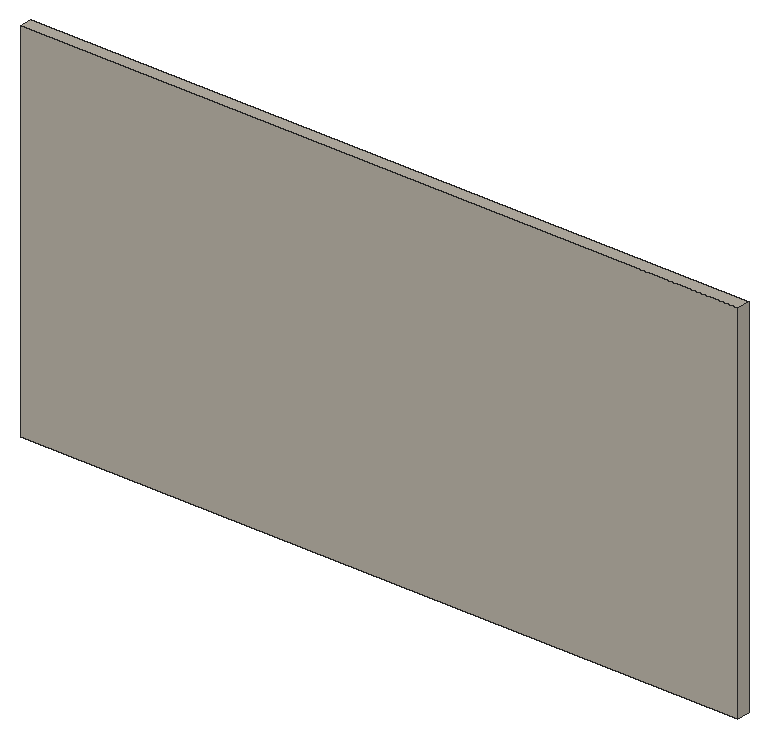
Revit family "Syntesis Areo 4 Lati", category Porte, host Muro, Revit 2018
Family settings
  Host = Muro
  Numero OmniClass = 23.30.10.00
  Titolo OmniClass = Doors
  Sempre verticale = Sì
  Taglio con vuoti quando caricato = No
  Condiviso = No
  Punto di calcolo locali = No
Parameters (values of type "LxH")
  URL Informazioni Tecniche = "https://www.eclisse.it/it/supporto/prodotto/syntesis-areo/"
  URL = "https://www.eclisse.it/it/prodotti/collezione/syntesis-collection/syntesis-areo/"
  Tipologia Muro = "QUALSIASI"  # constant formula
  Produttore = "ECLISSE"  # constant formula
  NOTE PER L'USO DEI FILE = " L e H modificabili (seguire listino) per spostare l'oggetto in altezza una volta inserito in un progetto è modificare il parametro ALTEZZA SOGLIA)"  # constant formula
  Modello = "SYNTESIS AREO 4 LATI"  # constant formula
  Materiale Pannello Porta [instance] = Pioppo
  L [instance] = 1000 mm
  IfcExportType = ""
  IfcExportAs = ""
  H [instance] = 500 mm
  Descrizione = "SPORTELLI FILO MURO"  # constant formula
Reference planes
  plane 1 "Muro": y = 0
  plane 2 "Centro (Sinistra/Destra)": x = 125
  plane 3 "Indietro": y = 75
  plane 4: x = -375
  plane 5: x = 625
  plane 6: x = -390
  plane 7: x = 640
  plane 8: z = 1014.126
  plane 9: z = 1029.126
  plane 10: z = 1529.126
  plane 11: z = 1544.126
  plane 12: z = 1279.126
  plane 13: y = -60
  plane 14: y = 54.5
  plane 15: x = 660
Forms (mm)
  Extrusion 1, void
    sketch origin (0, 0, 0) x (1, 0, 0) y (0, 0, 1)
      loop
        line (640, 1014.126) -> (640, 1544.126) -> (-390, 1544.126) -> (-390, 1014.126) -> (640, 1014.126)
    from -75 to -54.5
  Extrusion 2, void
    sketch origin (0, 0, 0) x (1, 0, 0) y (0, 0, 1)
      loop
        line (625, 1029.126) -> (625, 1529.126) -> (-375, 1529.126) -> (-375, 1029.126) -> (625, 1029.126)
    from -54.5 to 60
Text (mm)
  text "Lato posizionamento" at (-1848.837, 1116.779, 0), in view "Livello rif."
  text "Lato posizionamento" at (0, 1409.804, 2854.306), in view "Sinistra"
  text "Lato posizionamento" at (0, 499.811, 2980.732), in view "Destra"
Dimensions and locks
  locked: plane 3 "Indietro" to host wall
  equal spacing: plane 4, plane 2 "Centro (Sinistra/Destra)", plane 5
  "L": plane 4 to plane 5
  locked: plane 6 to plane 4 at 15
  locked: plane 5 to plane 7 at 15
  "H": plane 9 to plane 10
  locked: plane 8 to plane 9 at 15
  locked: plane 10 to plane 11 at 15
  equal spacing: plane 9, plane 12, plane 10
  locked: plane 13 to host wall at 15
  locked: plane 3 "Indietro" to plane 14 at 20.5
  locked: plane 5 to plane 15 at 35
  aligned and locked: plane 1 "Muro" to host wall
  aligned and locked: Extrusion 1 sketch curve to plane 7
  aligned and locked: plane 11 to Extrusion 1 sketch curve
  aligned and locked: plane 6 to Extrusion 1 sketch curve
  aligned and locked: Extrusion 1 sketch curve to plane 8
  aligned and locked: host wall to Extrusion 1
  aligned and locked: Extrusion 1 to plane 14
  aligned and locked: plane 5 to Extrusion 2 sketch curve
  aligned and locked: plane 10 to Extrusion 2 sketch curve
  aligned and locked: Extrusion 2 sketch curve to plane 9
  aligned and locked: Extrusion 2 sketch curve to plane 4
  aligned and locked: plane 14 to Extrusion 2
  aligned and locked: Extrusion 2 to plane 13
  aligned and locked: nested 1 to plane 2 "Centro (Sinistra/Destra)"
  aligned and locked: nested 1 to plane 3 "Indietro"
  aligned and locked: plane 12 to nested 1
  aligned and locked: plane 2 "Centro (Sinistra/Destra)" to nested 2
  aligned and locked: nested 2 to plane 3 "Indietro"
  aligned and locked: plane 12 to nested 2
  aligned and locked: nested 3 to plane 5
  aligned and locked: nested 3 to plane 3 "Indietro"
  aligned and locked: nested 4 to plane 4
  aligned and locked: plane 3 "Indietro" to nested 4
  aligned and locked: plane 10 to nested 6
  aligned and locked: nested 6 to host wall
  aligned and locked: plane 9 to nested 5
  aligned and locked: plane 3 "Indietro" to nested 5
Nested families
  nested 1: "Telaio 4 Lati" at (125, 75, 916.626) x (-1, 0, 0) z (0, 0, 1), L <- "L", H <- "H", type "Telaio 4 Lati"
    with L 1000 mm, H 500 mm
  nested 2: "Pannello porta 4 Lati" at (125, 57, 826.126), L <- "L", H <- "H", Materiale Pannello Porta <- "Materiale Pannello Porta", type "Pannello porta 4 Lati"
    with Materiale Pannello Porta Pioppo, LP 1026 mm, L 1000 mm, HP 526 mm, H 500 mm
  nested 3: "Dettaglio Areo" at (625, 75, 0) x (-1, 0, 0) z (0, 0, 1), type "Dettaglio Areo", detail levels fine
  nested 4: "Dettaglio Areo" at (-375, 75, 0), type "Dettaglio Areo", detail levels fine
  nested 5: "Dettaglio Areo" at (125, 75, 1029.126) x (0, 0, 1) z (1, 0, 0), type "Dettaglio Areo"
  nested 6: "Dettaglio Areo" at (125, 75, 1529.126) x (0, 0, -1) z (1, 0, 0), type "Dettaglio Areo"
Definition of nested family "Pannello porta 4 Lati"
  Parameters (values of type "Pannello porta 4 Lati")
    Materiale Pannello Porta [instance] = none
    LP [instance] = L + 26 mm  # 626 mm
    L [instance] = 600 mm
    HP [instance] = H + 26 mm  # 438 mm
    H [instance] = 412 mm
  Reference planes
    plane 1 "Centro (Fronte/Retro)": y = 0
    plane 2: z = 0
    plane 3 "Centro (Sinistra/Destra)": x = 0
    plane 4: x = -313
    plane 5: x = 313
    plane 6: z = 190
    plane 7: z = 628
    plane 8: y = 18
    plane 9: z = 409
  Forms (mm)
    Extrusion 1, solid, material <- "Materiale Pannello Porta"
      sketch origin (0, 0, 0) x (1, 0, 0) y (0, 1, 0)
        loop
          line (-313, 0) -> (313, 0) -> (313, 18) -> (-313, 18) -> (-313, 0)
      from 190 to 628
  Dimensions and locks
    equal spacing: plane 4, plane 3 "Centro (Sinistra/Destra)", plane 5
    "LP": plane 4 to plane 5
    "HP": plane 7 to plane 6
    locked: plane 1 "Centro (Fronte/Retro)" to plane 8 at 18
    equal spacing: plane 7, plane 9, plane 6
    aligned and locked: level to plane 2
    aligned and locked: plane 1 "Centro (Fronte/Retro)" to Extrusion 1 sketch curve
    aligned and locked: Extrusion 1 sketch curve to plane 4
    aligned and locked: Extrusion 1 sketch curve to plane 5
    aligned and locked: plane 8 to Extrusion 1 sketch curve
    aligned and locked: plane 7 to Extrusion 1
    aligned and locked: Extrusion 1 to plane 6
Definition of nested family "Telaio 4 Lati"
  Parameters (values of type "Telaio 4 Lati")
    Materiale Controtelaio = none
    L [instance] = 400 mm
    H [instance] = 1000 mm
    Analytic Construction = "<Nessuno>"
  Reference planes
    plane 1 "Centro (Fronte/Retro)": y = 0
    plane 2: z = 0
    plane 3 "Centro (Sinistra/Destra)": x = 0
    plane 4: x = -200
    plane 5: x = 200
    plane 6: z = 112.5
    plane 7: z = 1112.5
    plane 8: z = 612.5
  Forms (mm)
    Sweep 1, solid, material <- "Materiale Controtelaio", detail levels medium
      path origin (0, 0, 0) x (1, 0, 0) y (0, 0, 1)
        loop
          line (-200, 112.5) -> (200, 112.5) -> (200, 1112.5) -> (-200, 1112.5) -> (-200, 112.5)
      profile origin (-200, 0, 612.5) x (-1, 0, 0) y (0, -1, 0)
        loop
          line (35, -88.3) -> (35, -13.3) -> (18.5, -13.3) -> (18.5, -1) -> (16, -1) -> (16, -21.5) -> (1, -21.5) -> (1, -88.3) -> (35, -88.3)
  Dimensions and locks
    equal spacing: plane 4, plane 3 "Centro (Sinistra/Destra)", plane 5
    "L": plane 4 to plane 5
    "H": plane 7 to plane 6
    locked: import instance to plane 4 at 1
    locked: plane 1 "Centro (Fronte/Retro)" to import instance at 1
    equal spacing: plane 7, plane 8, plane 6, locked at 500 each
    aligned and locked: level to plane 2
    aligned and locked: Sweep 1 sketch curve to plane 7
    aligned and locked: plane 4 to Sweep 1 sketch curve
    aligned and locked: plane 5 to Sweep 1 sketch curve
    aligned and locked: plane 6 to Sweep 1 sketch curve
    aligned and locked: Sweep 1 sketch curve to import instance  (x8)
Definition of nested family "Dettaglio Areo"
  Reference planes
    plane 1 "Centro (Fronte/Retro)": y = 0
    plane 2: z = 0
    plane 3 "Centro (Sinistra/Destra)": x = 0
  Dimensions and locks
    aligned and locked: plane 3 "Centro (Sinistra/Destra)" to import instance
    aligned and locked: plane 1 "Centro (Fronte/Retro)" to import instance
